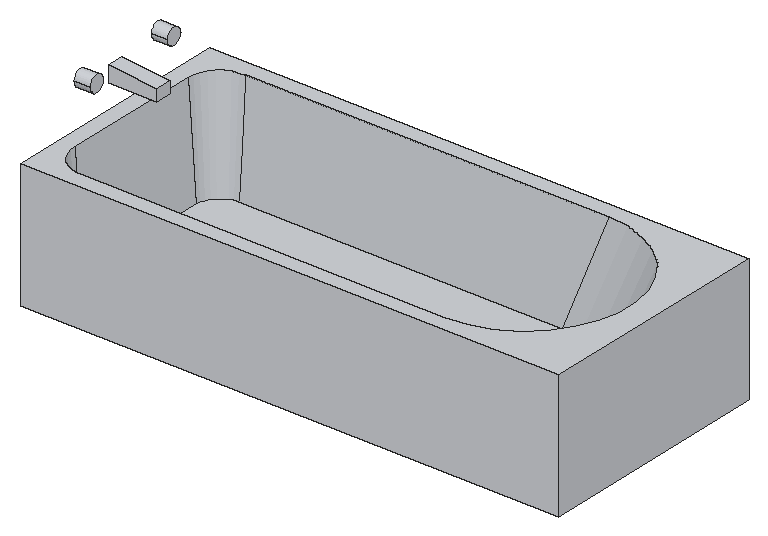
Revit family "2PB_Ванна", category Сантехнические приборы, Revit 2021
Family settings
  Размер круглого соединителя = Использовать радиус
  Тип детали = Нормальный
  Номер OmniClass = 23.45.05.14.21.11
  Заголовок OmniClass = Bath/Shower Units
  На основе рабочей плоскости = Нет
  Всегда вертикально = Да
  При загрузке вырезать с полостями = Нет
  Общий = Нет
  Точка принадлежности помещению = Нет
Parameters (values of type "1700х750")
  Отметка по умолчанию = 0 mm
  Канализация - Радиус = 20 mm
  Канализация - Диаметр = [Канализация - Радиус] * 2  # 40 mm
  WFU = 2
  Радиус 2 = (Ширина ванны - 75 mm - 75 mm) / 2  # 300 mm
  Радиус 1 = (Ширина ванны - 50 mm - 50 mm) / 2  # 325 mm
  Горячая вода - радиус = 3 mm
  Горячая вода - диаметр = [Горячая вода - радиус] * 2  # 6 mm
  HWFU = 1
  Давление потока [instance] = 55158.0 Pa
  Материал крана = none
  Холодная вода - радиус = 3 mm
  Холодная вода - диаметр = [Холодная вода - радиус] * 2  # 6 mm
  CWFU = 1
  Ширина ванны = 750 mm
  Материал ванны = none
  Длина ванны = 1700 mm
  Высота ванны = 400 mm
Reference planes
  plane 1 "По центру (Вперед/Назад)": y = 0
  plane 2: z = 0
  plane 3 "По центру (Влево/Вправо)": x = 0
  plane 4: y = 750
  plane 5: x = 1700
  plane 6: z = 400
  plane 7: x = 50.8
  plane 8: y = 699.2
  plane 9: y = 50.8
  plane 10: x = 1623.8
  plane 11: x = 152.4
  plane 12: y = 597.6
  plane 13: y = 152.4
  plane 14: y = 375
  plane 15: x = 1298.8
  plane 16: x = 76.2
  plane 17: y = 673.8
  plane 18: y = 76.2
  plane 19: x = 1471.4
  plane 20: x = 1171.4
  plane 21: z = 50.8
  plane 22: x = 12.7
  plane 23: y = 527.4
  plane 24: y = 222.6
  plane 25: x = 63.5
  plane 26: z = 552.4
  plane 27: z = 476.2
  plane 28: z = 527
  plane 29: x = 152.4
  plane 30: z = 514.3
  plane 31: y = 400.4
  plane 32: y = 349.6
  plane 33: x = 177.8
  plane 34: z = 254
  plane 35: y = 476.6
  plane 36: y = 273.4
Forms (mm)
  Extrusion 1, solid, material <- "Материал ванны"
    sketch origin (0, 0, 0) x (1, 0, 0) y (0, 1, 0)
      loop
        line (0, 0) -> (1700, 0) -> (1700, 750) -> (0, 750) -> (0, 0)
    from 0 to 400
  Blend 2, void
    base sketch origin (0, 0, 0) x (1, 0, 0) y (0, 1, 0)
      loop
        arc (152.4, 699.2) -> (80.558, 669.442) -> (50.8, 597.6) r 101.6
        line (50.8, 597.6) -> (50.8, 152.4)
        arc (50.8, 152.4) -> (80.558, 80.558) -> (152.4, 50.8) r 101.6
        line (152.4, 50.8) -> (1298.8, 50.8)
        arc (1298.8, 50.8) -> (1623, 375) -> (1298.8, 699.2) r 324.2
        line (1298.8, 699.2) -> (152.4, 699.2)
    top sketch origin (0, 0, 0) x (1, 0, 0) y (0, 1, 0)
      loop
        arc (152.4, 673.8) -> (98.518, 651.482) -> (76.2, 597.6) r 76.2
        line (76.2, 597.6) -> (76.2, 152.4)
        arc (76.2, 152.4) -> (98.518, 98.518) -> (152.4, 76.2) r 76.2
        line (152.4, 76.2) -> (1171.4, 76.2)
        arc (1171.4, 76.2) -> (1470.2, 375) -> (1171.4, 673.8) r 298.8
        line (1171.4, 673.8) -> (152.4, 673.8)
    from 400 to 50.8
  Extrusion 3, solid, material <- "Материал крана", detail levels fine
    sketch origin (0, 0, 0) x (0, 1, 0) y (0, 0, 1)
      loop
        circle (527.4, 552.4) r 25.4
      loop
        circle (222.6, 552.4) r 25.4
    from 12.7 to 63.5
  Extrusion 4, solid, material <- "Материал крана", detail levels fine
    sketch origin (0, 0, 0) x (1, 0, 0) y (0, 0, 1)
      loop
        line (0, 527) -> (0, 476.2) -> (152.4, 476.2) -> (152.4, 514.3) -> (0, 527)
    from -400.4 to -349.6
  Extrusion 5, void
    sketch origin (0, 0, 0) x (1, 0, 0) y (0, 1, 0)
      loop
        circle (177.8, 375) r 44.45
    from 0 to 50.8
  Extrusion 6, solid, material <- "Материал ванны"
    sketch origin (0, 0, 0) x (0, 1, 0) y (0, 0, 1)
      loop
        circle (476.6, 254) r 19.05
      loop
        circle (273.4, 254) r 19.05
    from 0 to 50.8
  Extrusion 7, solid, material <- "Материал ванны"
    sketch origin (0, 0, 0) x (1, 0, 0) y (0, 1, 0)
      loop
        circle (177.8, 375) r 44.45
    from 0 to 50.8
Cuts and joins
  Blend 2, Extrusion 5 cuts Extrusion 1
  joined: Extrusion 1, Extrusion 6
Dimensions and locks
  "Ширина ванны": plane 1 "По центру (Вперед/Назад)" to plane 4
  "Длина ванны": plane 3 "По центру (Влево/Вправо)" to plane 5
  "Высота ванны": plane 2 to plane 6
  plane 3 "По центру (Влево/Вправо)" to plane 7 = 50.8 mm
  locked: plane 1 "По центру (Вперед/Назад)" to plane 9 at 50.8
  locked: plane 4 to plane 8 at 50.8
  locked: plane 10 to plane 5 at 76.2
  locked: plane 7 to plane 11 at 101.6
  locked: plane 8 to plane 12 at 101.6
  locked: plane 13 to plane 9 at 101.6
  equal spacing: plane 4, plane 14, plane 1 "По центру (Вперед/Назад)"
  "Радиус 1": plane 15 to plane 10
  locked: plane 3 "По центру (Влево/Вправо)" to plane 16 at 76.2
  locked: plane 4 to plane 17 at 76.2
  locked: plane 1 "По центру (Вперед/Назад)" to plane 18 at 76.2
  locked: plane 19 to plane 5 at 228.6
  "Радиус 2": plane 20 to plane 19
  locked: plane 2 to plane 21 at 50.8
  locked: plane 3 "По центру (Влево/Вправо)" to plane 22 at 12.7
  locked: plane 23 to plane 14 at 152.4
  locked: plane 14 to plane 24 at 152.4
  locked: plane 22 to plane 25 at 50.8
  locked: plane 26 to plane 6 at 152.4
  locked: plane 27 to plane 6 at 76.2
  locked: plane 28 to plane 27 at 50.8
  locked: plane 29 to plane 3 "По центру (Влево/Вправо)" at 152.4
  locked: plane 30 to plane 27 at 38.1
  locked: plane 31 to plane 14 at 25.4
  locked: plane 14 to plane 32 at 25.4
  locked: plane 3 "По центру (Влево/Вправо)" to plane 33 at 177.8
  locked: plane 34 to plane 2 at 254
  locked: plane 35 to plane 14 at 101.6
  locked: plane 14 to plane 36 at 101.6
  radius of Extrusion 3 sketch curve = 25.4 mm  (x2)
  radius of Extrusion 5 sketch curve = 44.45 mm
  radius of Extrusion 7 sketch curve = 44.45 mm
  aligned and locked: plane 3 "По центру (Влево/Вправо)" to Extrusion 1 sketch curve
  aligned and locked: plane 1 "По центру (Вперед/Назад)" to Extrusion 1 sketch curve
  aligned and locked: plane 4 to Extrusion 1 sketch curve
  aligned and locked: plane 5 to Extrusion 1 sketch curve
  aligned and locked: plane 6 to Extrusion 1
  aligned and locked: Extrusion 1 to plane 2
  aligned and locked: plane 6 to cut or joined group of Extrusion 1, Blend 2, Extrusion 5, Extrusion 6
  aligned and locked: cut or joined group of Extrusion 1, Blend 2, Extrusion 5, Extrusion 6 to plane 21
  aligned and locked: Extrusion 3 to plane 22
  aligned and locked: Extrusion 3 to plane 25
  aligned and locked: Extrusion 4 sketch curve to plane 3 "По центру (Влево/Вправо)"
  aligned and locked: plane 28 to Extrusion 4 sketch curve
  aligned and locked: plane 27 to Extrusion 4 sketch curve
  aligned and locked: Extrusion 4 sketch curve to plane 29
  aligned and locked: plane 30 to Extrusion 4 sketch curve
  aligned and locked: plane 29 to Extrusion 4 sketch curve
  aligned and locked: Extrusion 4 sketch curve to Extrusion 4 sketch curve
  aligned and locked: plane 3 "По центру (Влево/Вправо)" to Extrusion 4 sketch curve
  aligned and locked: plane 31 to Extrusion 4
  aligned and locked: Extrusion 4 to plane 32
  aligned and locked: plane 14 to Extrusion 5 sketch curve
  aligned and locked: plane 33 to Extrusion 5 sketch curve
  aligned and locked: plane 21 to Extrusion 5
  aligned and locked: Extrusion 5 to plane 2
  aligned and locked: Extrusion 6 to plane 3 "По центру (Влево/Вправо)"
  aligned and locked: plane 7 to Extrusion 6
  aligned and locked: plane 14 to Extrusion 7 sketch curve
  aligned and locked: plane 33 to Extrusion 7 sketch curve
  aligned and locked: plane 2 to Extrusion 7
  aligned and locked: plane 21 to Extrusion 7
Automatic sketch dimensions
  Blend 2 sketch curve to plane 11 = 0 mm  (x4)
  Blend 2 sketch curve to plane 15 = 0 mm
  Extrusion 3 sketch curve to plane 24 = 0 mm
  Extrusion 3 sketch curve to plane 23 = 0 mm
  Extrusion 3 sketch curve to plane 26 = 0 mm  (x2)
  Extrusion 6 sketch curve to plane 34 = 0 mm  (x2)
  Extrusion 6 sketch curve to plane 36 = 0 mm
  Extrusion 6 sketch curve to plane 35 = 0 mm
  Blend 2 sketch curve to plane 7 = 0 mm
  Blend 2 sketch curve to plane 9 = 0 mm
  Blend 2 sketch curve to plane 14 = 0 mm
  Blend 2 sketch curve to plane 13 = 0 mm
  Blend 2 sketch curve to plane 16 = 0 mm
  Blend 2 sketch curve to plane 17 = 0 mm
  Blend 2 sketch curve to plane 20 = 0 mm
  radius of Extrusion 6 sketch curve = 19.05 mm  (x2)
Connectors
  piping at (0, 476.6, 254), diameter 6, driven by "CWFU", driven by "Холодная вода - радиус", driven by "Давление потока"
    settings: on Extrusion 6, index 1, connector inside diameter 6 mm, connector length 0 mm, flow factor 0, pipe flow 0.0 L/s, pressure drop 55158.0 Pa, fitting loss kfactor 0, connector angle 0.00°, fixture units 1, engagement length 0 mm, angle of deflection 0.00°, flow configuration 3, flow direction 1, fitting loss method 4, system type 20, joint type 0, gender type 0, connector reference index -1, connector utility 0, adjustable connector no, is connector primary yes, connector description "Вход"
  piping at (0, 273.4, 254), diameter 6, driven by "Горячая вода - радиус", driven by "HWFU", driven by "Давление потока"
    settings: on Extrusion 6, index 2, connector inside diameter 6 mm, connector length 0 mm, flow factor 0, pipe flow 0.0 L/s, pressure drop 55158.0 Pa, fitting loss kfactor 0, connector angle 0.00°, fixture units 1, engagement length 0 mm, angle of deflection 0.00°, flow configuration 3, flow direction 1, fitting loss method 4, system type 19, joint type 0, gender type 0, connector reference index -1, connector utility 0, adjustable connector no, is connector primary no, connector description "Вход"
  piping at (177.8, 375, 0), diameter 40, driven by "WFU", driven by "Канализация - Радиус"
    settings: on cut or joined group of Extrusion 1, Blend 2, Extrusion 5, Extrusion 6, index 3, connector inside diameter 40 mm, connector length 0 mm, flow factor 0, pipe flow 0.0 L/s, pressure drop 0.0 Pa, fitting loss kfactor 0, connector angle 0.00°, fixture units 2, engagement length 0 mm, angle of deflection 0.00°, flow configuration 3, flow direction 2, fitting loss method 0, system type 16, joint type 0, gender type 0, connector reference index -1, connector utility 0, adjustable connector no, is connector primary no, connector description "Выход"
